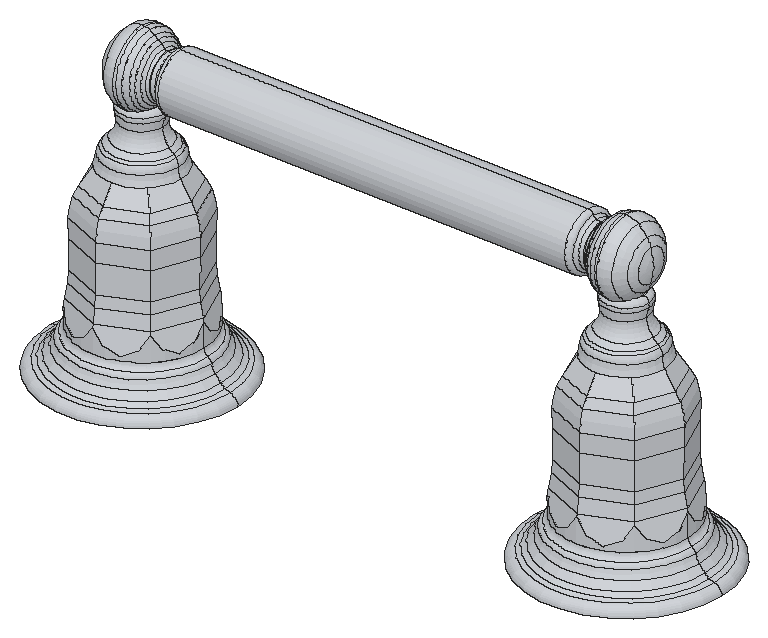
Revit family "Accessory-Tissue_Holder-KOHLER-Kelston-K-13504", category Specialty Equipment, host Face, Revit 2015
Parameters (values of type "CP-Polished Chrome")
  Width = 3 15/16"  # constant formula
  WaterSense Certified = 1 = 0  # no
  URL = "https://www.us.kohler.com/us/"
  Type = 1
  Product Page URL = "http://www.us.kohler.com/us/catalog/productDetails.jsp?productNumber=13504"
  Product Name = "Kelston"  # constant formula
  Product Documentation Link = "https://www.us.kohler.com/webassets/kpna/catalog/pdf/en/K-13504_spec.pdf"
  Model = if(Type = 1, "K-13504-CP", if(Type = 2, "K-13504-BN", if(Type = 3, "K-13504-2BZ", "NA")))  # "K-13504-CP"
  Material = "Premium Metal Construction"  # constant formula
  MasterFormat 2004 = "10.28.13"  # constant formula
  MasterFormat 1995 = "10820"  # constant formula
  Manufacturer Address = "444 Highland Dr, Kohler, WI 53044"  # constant formula
  Manufacturer = "KOHLER Co."  # constant formula
  Length = 8 5/8"  # constant formula
  Height = 2 7/16"  # constant formula
  Finish = Kohler-Metal-CP-Polished_Chrome
  Environmental Product Declaration = ""
  Description = "Toilet Tissue Holder"  # constant formula
  Default Elevation = 42"
  Declare Label = ""
  Date Modified = "02/25/2019"  # constant formula
  Date Created = "02/25/2019"  # constant formula
  Copyright = "Copyright KOHLER Co."  # constant formula
  Contact Us = "https://www.us.kohler.com/us/static/contact.jsp"
  Assembly Code = "C1030200"
  ADA Compliant = 1 = 0  # no
Reference planes (in)
  plane 1 "Center (Front/Back)": y = 0
  plane 2: z = 0
  plane 3 "Center (Left/Right)": x = 0
  plane 4: x = 4.3125
  plane 5: x = 1.875
  plane 6: z = 3.9375
  plane 7: x = -1.875
  plane 8: x = -4.3125
  plane 9: x = -1.875
  plane 10: x = -4.3125
  plane 11: x = 1.875
  plane 12: x = 4.3125
  plane 13: z = 3.9375
  plane 14: z = 3.9375
  plane 15: x = -3.09376
  plane 16: x = 3.09376
  plane 17: y = 1.21874
  plane 18: y = -1.21876
  plane 19: z = 3.469
Dimensions and locks (in)
  "Width": plane 13 to plane 2
  "Length": plane 10 to plane 12
  plane 15 to plane 16 = 6 3/16"
  "Height": plane 17 to plane 18
  aligned and locked: plane 2 to host face
  aligned and locked: level to host face
Automatic sketch dimensions
  host sketch curve to host sketch curve = 96"  (x2)
Nested families (in)
  nested 1: "K-13504" at (0, 0, 0), type "K-13504"
Definition of nested family "K-13504"
  Parameters (values of type "K-13504")
    Material = none
  Reference planes (in)
    plane 1 "Center (Front/Back)": y = 0
    plane 2: z = 0
    plane 3 "Center (Left/Right)": x = 0
    plane 4: z = 3.9375
    plane 5: x = -4.3125
    plane 6: x = -1.875
    plane 7: x = 4.3125
    plane 8: x = 1.875
    plane 9: x = -3.09376
    plane 10: y = 1.21874
    plane 11: y = -1.21876
    plane 12: x = 3.09376
  Forms (in)
    Revolve 1, solid, material <- "Material", detail levels medium+fine
      sketch origin (-0.03126, 0, 0) x (1, 0, 0) y (0, 0, 1)
        loop
          line (-3.0625, 0) -> (-1.84376, 0)
          arc (-1.84376, 0) -> (-1.87194, 0.0786) -> (-1.9446, 0.11974) r 0.11991
          arc (-1.9446, 0.11974) -> (-1.97434, 0.12881) -> (-2.00205, 0.1429) r 0.17853
          arc (-2.00205, 0.1429) -> (-2.03276, 0.16443) -> (-2.06097, 0.18913) r 0.3487
          arc (-2.06097, 0.18913) -> (-2.09913, 0.23021) -> (-2.13304, 0.27487) r 0.56665
          arc (-2.13304, 0.27487) -> (-2.16024, 0.32226) -> (-2.17967, 0.37333) r 0.34678
          arc (-2.17967, 0.37333) -> (-2.19624, 0.40569) -> (-2.22359, 0.42965) r 0.09681
          arc (-2.22359, 0.42965) -> (-2.25995, 0.46674) -> (-2.27262, 0.51712) r 0.09931
          line (-2.27262, 0.51712) -> (-2.27262, 2.35156) -> (-3.0625, 2.35156) -> (-3.0625, 0)
        axis (-3.0625, 0) -> (-3.0625, 2.35156)
      angle from 0 to 360
    Sweep 2, void, detail levels medium+fine
      path origin (-0.03126, 0, 0) x (1, 0, 0) y (0, 1, 0)
        loop
          line (-2.51866, 0) -> (-2.67795, 0.38455) -> (-3.0625, 0.54384) -> (-3.44705, 0.38455) -> (-3.60634, 0) -> (-3.44705, -0.38455) -> (-3.0625, -0.54384) -> (-2.67795, -0.38455) -> (-2.51866, 0)
      profile origin (-2.62956, 0.19228, 0) x (-0.92388, -0.382683, 0) y (0, 0, 1)
        loop
          line (-0.54075, 0.51712) -> (-0.30215, 0.51712)
          arc (-0.30215, 0.51712) -> (-0.25708, 0.68809) -> (-0.22007, 0.86098) r 3.77615
          arc (-0.22007, 0.86098) -> (-0.20502, 0.94859) -> (-0.19304, 1.03668) r 2.5502
          arc (-0.19304, 1.03668) -> (-0.18559, 1.10833) -> (-0.18016, 1.18017) r 2.5502
          arc (-0.18016, 1.18017) -> (-0.17549, 1.36109) -> (-0.18367, 1.54188) r 2.5502
          arc (-0.18367, 1.54188) -> (-0.18937, 1.65731) -> (-0.18784, 1.77286) r 1.84624
          arc (-0.18784, 1.77286) -> (-0.17272, 1.90109) -> (-0.13912, 2.02577) r 0.88639
          arc (-0.13912, 2.02577) -> (-0.11581, 2.08374) -> (-0.08727, 2.13932) r 0.67783
          arc (-0.08727, 2.13932) -> (-0.02248, 2.24689) -> (0.04687, 2.35156) r 2.91337
          line (0.04687, 2.35156) -> (-0.54075, 2.35156) -> (-0.54075, 0.51712)
    Revolve 3, solid, material <- "Material", detail levels medium+fine
      sketch origin (-0.03126, 0, 0) x (1, 0, 0) y (0, 0, 1)
        loop
          line (-3.5556, 2.35156) -> (-3.0625, 2.35156) -> (-3.0625, 3.09657) -> (-3.29003, 3.09657)
          arc (-3.29003, 3.09657) -> (-3.32671, 3.06847) -> (-3.34568, 3.02633) r 0.09447
          arc (-3.34568, 3.02633) -> (-3.34797, 2.99856) -> (-3.34505, 2.97084) r 0.14905
          arc (-3.34505, 2.97084) -> (-3.33595, 2.92006) -> (-3.32904, 2.86894) r 1.20473
          arc (-3.32904, 2.86894) -> (-3.34187, 2.75449) -> (-3.40312, 2.65697) r 0.25855
          line (-3.40312, 2.65697) -> (-3.46476, 2.59533)
          arc (-3.46476, 2.59533) -> (-3.4791, 2.58029) -> (-3.49272, 2.56459) r 0.43915
          arc (-3.49272, 2.56459) -> (-3.51515, 2.52633) -> (-3.52437, 2.48296) r 0.13879
          arc (-3.52437, 2.48296) -> (-3.53391, 2.41581) -> (-3.5556, 2.35156) r 0.36822
        axis (-3.0625, 2.35156) -> (-3.0625, 3.09657)
      angle from 0 to 360
    Revolve 4, solid, material <- "Material", detail levels medium+fine
      sketch origin (-0.03126, 0, 0) x (1, 0, 0) y (0, 0, 1)
        loop
          line (-3.41739, 3.469) -> (-2.74512, 3.469) -> (-2.74512, 3.75073)
          arc (-2.74512, 3.75073) -> (-2.76822, 3.75552) -> (-2.78752, 3.76907) r 0.0582
          arc (-2.78752, 3.76907) -> (-2.80323, 3.78769) -> (-2.81686, 3.80788) r 0.2274
          arc (-2.81686, 3.80788) -> (-2.83288, 3.8294) -> (-2.85286, 3.84731) r 0.13443
          arc (-2.85286, 3.84731) -> (-2.87512, 3.86415) -> (-2.89681, 3.88172) r 0.8333
          arc (-2.89681, 3.88172) -> (-2.92845, 3.9032) -> (-2.96377, 3.91787) r 0.18894
          arc (-2.96377, 3.91787) -> (-2.99573, 3.9266) -> (-3.0281, 3.93368) r 0.64591
          arc (-3.0281, 3.93368) -> (-3.04523, 3.93627) -> (-3.0625, 3.9375) r 0.2188
          arc (-3.0625, 3.9375) -> (-3.1433, 3.92645) -> (-3.21599, 3.88949) r 0.24492
          arc (-3.21599, 3.88949) -> (-3.27659, 3.83676) -> (-3.32823, 3.77523) r 0.51364
          arc (-3.32823, 3.77523) -> (-3.35768, 3.72683) -> (-3.37972, 3.67464) r 0.38599
          arc (-3.37972, 3.67464) -> (-3.40602, 3.57319) -> (-3.41739, 3.469) r 0.72328
        axis (-2.74512, 3.469) -> (-3.41739, 3.469)
      angle from 0 to 360
    Revolve 5, void, detail levels medium+fine
      sketch origin (-0.03126, 0, 0) x (1, 0, 0) y (0, 0, 1)
        loop
          line (-3.40925, 3.09657) -> (-3.40925, 2.96553) -> (-3.0625, 2.96553) -> (-3.0625, 3.09657) -> (-3.40925, 3.09657)
        axis (-3.0625, 2.96553) -> (-3.0625, 3.09657)
      angle from 0 to 360
    Revolve 6, solid, material <- "Material", detail levels medium+fine
      sketch origin (0, 0, 0) x (1, 0, 0) y (0, 0, 1)
        loop
          line (-2.77637, 3.469) -> (2.77635, 3.469) -> (2.77635, 3.75073) -> (2.70901, 3.75073)
          arc (2.70901, 3.75073) -> (2.68138, 3.76011) -> (2.66517, 3.78436) r 0.04539
          arc (2.66517, 3.78436) -> (2.64172, 3.81945) -> (2.60175, 3.83301) r 0.06566
          line (2.60175, 3.83301) -> (-2.60175, 3.83301)
          arc (-2.60175, 3.83301) -> (-2.64172, 3.81945) -> (-2.66517, 3.78436) r 0.06566
          arc (-2.66517, 3.78436) -> (-2.68138, 3.76011) -> (-2.70901, 3.75073) r 0.04539
          line (-2.70901, 3.75073) -> (-2.77637, 3.75073) -> (-2.77637, 3.469)
        axis (2.77635, 3.469) -> (-2.77637, 3.469)
      angle from 0 to 360
    Revolve 7, solid, material <- "Material", detail levels medium+fine
      sketch origin (0.03126, 0, 0) x (-1, 0, 0) y (0, 0, 1)
        loop
          line (-3.0625, 0) -> (-1.84376, 0)
          arc (-1.84376, 0) -> (-1.87194, 0.0786) -> (-1.9446, 0.11974) r 0.11991
          arc (-1.9446, 0.11974) -> (-1.97434, 0.12881) -> (-2.00205, 0.1429) r 0.17853
          arc (-2.00205, 0.1429) -> (-2.03276, 0.16443) -> (-2.06097, 0.18913) r 0.3487
          arc (-2.06097, 0.18913) -> (-2.09913, 0.23021) -> (-2.13304, 0.27487) r 0.56665
          arc (-2.13304, 0.27487) -> (-2.16024, 0.32226) -> (-2.17967, 0.37333) r 0.34678
          arc (-2.17967, 0.37333) -> (-2.19624, 0.40569) -> (-2.22359, 0.42965) r 0.09681
          arc (-2.22359, 0.42965) -> (-2.25995, 0.46674) -> (-2.27262, 0.51712) r 0.09931
          line (-2.27262, 0.51712) -> (-2.27262, 2.35156) -> (-3.0625, 2.35156) -> (-3.0625, 0)
        axis (-3.0625, 0) -> (-3.0625, 2.35156)
      angle from 0 to 360
    Revolve 8, solid, material <- "Material", detail levels medium+fine
      sketch origin (0.03126, 0, 0) x (-1, 0, 0) y (0, 0, 1)
        loop
          line (-3.55206, 2.35156) -> (-3.0625, 2.35156) -> (-3.0625, 3.09657) -> (-3.29003, 3.09657)
          arc (-3.29003, 3.09657) -> (-3.32671, 3.06847) -> (-3.34568, 3.02633) r 0.09447
          arc (-3.34568, 3.02633) -> (-3.34797, 2.99856) -> (-3.34505, 2.97084) r 0.14905
          arc (-3.34505, 2.97084) -> (-3.33595, 2.92006) -> (-3.32904, 2.86894) r 1.20473
          arc (-3.32904, 2.86894) -> (-3.34187, 2.75449) -> (-3.40312, 2.65697) r 0.25855
          line (-3.40312, 2.65697) -> (-3.46476, 2.59533)
          arc (-3.46476, 2.59533) -> (-3.4791, 2.58029) -> (-3.49272, 2.56459) r 0.43915
          arc (-3.49272, 2.56459) -> (-3.51515, 2.52633) -> (-3.52437, 2.48296) r 0.13879
          arc (-3.52437, 2.48296) -> (-3.53299, 2.41616) -> (-3.55206, 2.35156) r 0.42463
        axis (-3.0625, 2.35156) -> (-3.0625, 3.09657)
      angle from 0 to 360
    Revolve 9, solid, material <- "Material", detail levels medium+fine
      sketch origin (0.03126, 0, 0) x (-1, 0, 0) y (0, 0, 1)
        loop
          line (-3.41739, 3.469) -> (-2.74512, 3.469) -> (-2.74512, 3.75073)
          arc (-2.74512, 3.75073) -> (-2.76822, 3.75552) -> (-2.78752, 3.76907) r 0.0582
          arc (-2.78752, 3.76907) -> (-2.80323, 3.78769) -> (-2.81686, 3.80788) r 0.2274
          arc (-2.81686, 3.80788) -> (-2.83288, 3.8294) -> (-2.85286, 3.84731) r 0.13443
          arc (-2.85286, 3.84731) -> (-2.87512, 3.86415) -> (-2.89681, 3.88172) r 0.8333
          arc (-2.89681, 3.88172) -> (-2.92845, 3.9032) -> (-2.96377, 3.91787) r 0.18894
          arc (-2.96377, 3.91787) -> (-2.99573, 3.9266) -> (-3.0281, 3.93368) r 0.64591
          arc (-3.0281, 3.93368) -> (-3.04523, 3.93627) -> (-3.0625, 3.9375) r 0.2188
          arc (-3.0625, 3.9375) -> (-3.1433, 3.92645) -> (-3.21599, 3.88949) r 0.24492
          arc (-3.21599, 3.88949) -> (-3.27659, 3.83676) -> (-3.32823, 3.77523) r 0.51364
          arc (-3.32823, 3.77523) -> (-3.35768, 3.72683) -> (-3.37972, 3.67464) r 0.38599
          arc (-3.37972, 3.67464) -> (-3.40602, 3.57319) -> (-3.41739, 3.469) r 0.72328
        axis (-2.74512, 3.469) -> (-3.41739, 3.469)
      angle from 0 to 360
    Revolve 10, void, detail levels medium+fine
      sketch origin (0.03126, 0, 0) x (-1, 0, 0) y (0, 0, 1)
        loop
          line (-3.40925, 3.09657) -> (-3.40925, 2.96553) -> (-3.0625, 2.96553) -> (-3.0625, 3.09657) -> (-3.40925, 3.09657)
        axis (-3.0625, 2.96553) -> (-3.0625, 3.09657)
      angle from 0 to 360
    Revolve 11, solid, material <- "Material", detail levels coarse
      sketch origin (0, 0, 0) x (1, 0, 0) y (0, 0, 1)
        loop
          line (-3.09376, 0) -> (-3.09376, 3.9375) -> (-3.44492, 3.9375) -> (-3.44492, 2.99878) -> (-3.8874, 1.63694) -> (-4.03287, 0.45491) -> (-4.3125, 0.29347) -> (-4.3125, 0) -> (-3.09376, 0)
        axis (-3.09376, 0) -> (-3.09376, 3.9375)
      angle from 0 to 360
    Revolve 12, solid, material <- "Material", detail levels coarse
      sketch origin (0, 0, 0) x (-1, 0, 0) y (0, 0, 1)
        loop
          line (-3.09376, 0) -> (-3.09376, 3.9375) -> (-3.44492, 3.9375) -> (-3.44492, 2.99878) -> (-3.8874, 1.63694) -> (-4.03287, 0.45491) -> (-4.3125, 0.29347) -> (-4.3125, 0) -> (-3.09376, 0)
        axis (-3.09376, 0) -> (-3.09376, 3.9375)
      angle from 0 to 360
    Revolve 13, solid, material <- "Material", detail levels coarse
      sketch origin (0, 0, 0) x (1, 0, 0) y (0, 0, 1)
        loop
          line (-3.05902, 3.469) -> (2.71466, 3.469) -> (3.11059, 3.469) -> (3.11059, 3.77242) -> (2.66388, 3.77242) -> (2.66388, 3.87716) -> (-2.66279, 3.87716) -> (-2.66279, 3.77242) -> (-3.05902, 3.77242) -> (-3.05902, 3.469)
        axis (-3.05902, 3.469) -> (3.11059, 3.469)
      angle from 0 to 360
    Sweep 14, void, detail levels medium+fine
      path origin (0.03126, 0, 0) x (-1, 0, 0) y (0, 1, 0)
        loop
          line (-2.51866, 0) -> (-2.67795, 0.38455) -> (-3.0625, 0.54384) -> (-3.44705, 0.38455) -> (-3.60634, 0) -> (-3.44705, -0.38455) -> (-3.0625, -0.54384) -> (-2.67795, -0.38455) -> (-2.51866, 0)
      profile origin (2.62956, 0.19228, 0) x (-0.92388, 0.382683, 0) y (0, 0, 1)
        loop
          line (0.54075, 0.51712) -> (0.54075, 2.35156) -> (-0.04688, 2.35156)
          arc (-0.04688, 2.35156) -> (0.02248, 2.24689) -> (0.08727, 2.13932) r 2.91337
          arc (0.08727, 2.13932) -> (0.11581, 2.08374) -> (0.13912, 2.02577) r 0.67783
          arc (0.13912, 2.02577) -> (0.17272, 1.90109) -> (0.18784, 1.77286) r 0.88639
          arc (0.18784, 1.77286) -> (0.18937, 1.65731) -> (0.18367, 1.54188) r 1.84624
          arc (0.18367, 1.54188) -> (0.17549, 1.36109) -> (0.18016, 1.18017) r 2.5502
          arc (0.18016, 1.18017) -> (0.18559, 1.10833) -> (0.19304, 1.03668) r 2.5502
          arc (0.19304, 1.03668) -> (0.20502, 0.94859) -> (0.22007, 0.86098) r 2.5502
          arc (0.22007, 0.86098) -> (0.25708, 0.68809) -> (0.30215, 0.51712) r 3.77615
          line (0.30215, 0.51712) -> (0.54075, 0.51712)
  Cuts and joins
    Sweep 2, Sweep 14 cuts Revolve 1
    Revolve 5, Revolve 10, Sweep 14 cuts Revolve 4
    Sweep 14 cuts Revolve 7
    Revolve 10, Sweep 14 cuts Revolve 9
    joined: Revolve 1, Revolve 4, Revolve 7, Revolve 9
    joined: Revolve 3, Revolve 6, Revolve 8
    Sweep 14 cuts Revolve 11
    Sweep 14 cuts Revolve 13
    joined: Revolve 11, Revolve 12, Revolve 13
  Lines and regions (in)
    Masking region 1
      outline origin (0, 0, 0) x (1, 0, 0) y (0, 0, 1)
        loop
          line (-3.125, 0) -> (-1.87503, 0)
          arc (-1.87503, 0) -> (-1.90322, 0.0786) -> (-1.97587, 0.11974) r 0.11991
          arc (-1.97587, 0.11974) -> (-2.00561, 0.12881) -> (-2.03332, 0.1429) r 0.17853
          arc (-2.03332, 0.1429) -> (-2.06403, 0.16443) -> (-2.09224, 0.18913) r 0.3487
          arc (-2.09224, 0.18913) -> (-2.1304, 0.23021) -> (-2.16431, 0.27487) r 0.56665
          arc (-2.16431, 0.27487) -> (-2.19152, 0.32226) -> (-2.21094, 0.37333) r 0.34678
          arc (-2.21094, 0.37333) -> (-2.22752, 0.40569) -> (-2.25486, 0.42965) r 0.09681
          arc (-2.25486, 0.42965) -> (-2.29112, 0.46657) -> (-2.30388, 0.51672) r 0.09927
          line (-2.30388, 0.51672) -> (-2.30388, 0.82381)
          arc (-2.30388, 0.82381) -> (-2.30785, 0.84238) -> (-2.31172, 0.86098) r 3.52163
          arc (-2.31172, 0.86098) -> (-2.328, 0.94855) -> (-2.34097, 1.03668) r 2.37022
          arc (-2.34097, 1.03668) -> (-2.34904, 1.10831) -> (-2.35492, 1.18017) r 2.361
          arc (-2.35492, 1.18017) -> (-2.35997, 1.3611) -> (-2.35112, 1.54188) r 2.35664
          arc (-2.35112, 1.54188) -> (-2.34495, 1.65682) -> (-2.34655, 1.77191) r 1.70613
          spline (-2.34655, 1.77191) -> (-2.34787, 1.79364) -> (-2.34977, 1.81534) -> (-2.35223, 1.83697) -> (-2.35527, 1.85853) -> (-2.35887, 1.88001) -> (-2.36303, 1.90138) -> (-2.36776, 1.92264) -> (-2.37304, 1.94376) -> (-2.37888, 1.96474) -> (-2.38526, 1.98556) -> (-2.3922, 2.0062) -> (-2.39967, 2.02665)
          spline (-2.39967, 2.02665) -> (-2.40347, 2.0364) -> (-2.40742, 2.04609) -> (-2.41153, 2.05571) -> (-2.41579, 2.06526) -> (-2.42021, 2.07475) -> (-2.42477, 2.08416) -> (-2.42949, 2.0935) -> (-2.43435, 2.10277) -> (-2.43936, 2.11195) -> (-2.44452, 2.12106) -> (-2.44982, 2.13007) -> (-2.45526, 2.13901)
          spline (-2.45526, 2.13901) -> (-2.46665, 2.15721) -> (-2.47817, 2.17532) -> (-2.48983, 2.19335) -> (-2.50162, 2.21129) -> (-2.51354, 2.22914) -> (-2.52559, 2.2469) -> (-2.53778, 2.26458) -> (-2.5501, 2.28216) -> (-2.56254, 2.29965) -> (-2.57512, 2.31705) -> (-2.58782, 2.33435) -> (-2.60066, 2.35156)
          arc (-2.60066, 2.35156) -> (-2.62256, 2.41667) -> (-2.63198, 2.48471) r 0.36811
          arc (-2.63198, 2.48471) -> (-2.64142, 2.52715) -> (-2.66353, 2.56459) r 0.13879
          arc (-2.66353, 2.56459) -> (-2.67715, 2.58029) -> (-2.69149, 2.59533) r 0.43915
          line (-2.69149, 2.59533) -> (-2.75313, 2.65697)
          arc (-2.75313, 2.65697) -> (-2.81438, 2.75449) -> (-2.82721, 2.86894) r 0.25855
          arc (-2.82721, 2.86894) -> (-2.8203, 2.92006) -> (-2.8112, 2.97084) r 1.20473
          arc (-2.8112, 2.97084) -> (-2.80828, 2.99856) -> (-2.81057, 3.02633) r 0.14905
          arc (-2.81057, 3.02633) -> (-2.83201, 3.07146) -> (-2.87346, 3.09934) r 0.09447
          arc (-2.87346, 3.09934) -> (-2.85964, 3.11378) -> (-2.84812, 3.13012) r 0.13443
          arc (-2.84812, 3.13012) -> (-2.83449, 3.15031) -> (-2.81878, 3.16893) r 0.2274
          arc (-2.81878, 3.16893) -> (-2.79948, 3.18248) -> (-2.77637, 3.18727) r 0.0582
          line (-2.77637, 3.18727) -> (-2.70901, 3.18727)
          arc (-2.70901, 3.18727) -> (-2.68138, 3.17789) -> (-2.66517, 3.15364) r 0.04539
          arc (-2.66517, 3.15364) -> (-2.64172, 3.11855) -> (-2.60175, 3.10499) r 0.06566
          line (-2.60175, 3.10499) -> (2.60175, 3.10499)
          arc (2.60175, 3.10499) -> (2.64172, 3.11855) -> (2.66517, 3.15364) r 0.06566
          arc (2.66517, 3.15364) -> (2.68138, 3.17789) -> (2.70901, 3.18727) r 0.04539
          line (2.70901, 3.18727) -> (2.77637, 3.18727)
          arc (2.77637, 3.18727) -> (2.79948, 3.18248) -> (2.81878, 3.16893) r 0.0582
          arc (2.81878, 3.16893) -> (2.83449, 3.15031) -> (2.84812, 3.13012) r 0.2274
          arc (2.84812, 3.13012) -> (2.85964, 3.11378) -> (2.87346, 3.09934) r 0.13443
          arc (2.87346, 3.09934) -> (2.83201, 3.07146) -> (2.81057, 3.02633) r 0.09447
          arc (2.81057, 3.02633) -> (2.80828, 2.99856) -> (2.8112, 2.97084) r 0.14905
          arc (2.8112, 2.97084) -> (2.8203, 2.92006) -> (2.82721, 2.86894) r 1.20473
          arc (2.82721, 2.86894) -> (2.81438, 2.75449) -> (2.75313, 2.65697) r 0.25855
          line (2.75313, 2.65697) -> (2.69149, 2.59533)
          arc (2.69149, 2.59533) -> (2.67715, 2.58029) -> (2.66353, 2.56459) r 0.43915
          arc (2.66353, 2.56459) -> (2.64142, 2.52715) -> (2.63198, 2.48471) r 0.13879
          arc (2.63198, 2.48471) -> (2.62256, 2.41667) -> (2.60066, 2.35156) r 0.36811
          spline (2.60066, 2.35156) -> (2.58782, 2.33435) -> (2.57512, 2.31705) -> (2.56254, 2.29965) -> (2.5501, 2.28216) -> (2.53778, 2.26458) -> (2.52559, 2.2469) -> (2.51354, 2.22914) -> (2.50162, 2.21129) -> (2.48983, 2.19335) -> (2.47817, 2.17532) -> (2.46665, 2.15721) -> (2.45526, 2.13901)
          spline (2.45526, 2.13901) -> (2.44982, 2.13007) -> (2.44452, 2.12106) -> (2.43936, 2.11195) -> (2.43435, 2.10277) -> (2.42949, 2.0935) -> (2.42477, 2.08416) -> (2.42021, 2.07475) -> (2.41579, 2.06526) -> (2.41153, 2.05571) -> (2.40742, 2.04609) -> (2.40347, 2.0364) -> (2.39967, 2.02665)
          spline (2.39967, 2.02665) -> (2.3922, 2.0062) -> (2.38526, 1.98556) -> (2.37888, 1.96474) -> (2.37304, 1.94376) -> (2.36776, 1.92264) -> (2.36303, 1.90138) -> (2.35887, 1.88001) -> (2.35527, 1.85853) -> (2.35223, 1.83697) -> (2.34977, 1.81534) -> (2.34787, 1.79364) -> (2.34655, 1.77191)
          arc (2.34655, 1.77191) -> (2.34495, 1.65682) -> (2.35112, 1.54188) r 1.70613
          arc (2.35112, 1.54188) -> (2.35997, 1.3611) -> (2.35492, 1.18017) r 2.35664
          arc (2.35492, 1.18017) -> (2.34904, 1.10831) -> (2.34097, 1.03668) r 2.361
          arc (2.34097, 1.03668) -> (2.328, 0.94855) -> (2.31172, 0.86098) r 2.37022
          arc (2.31172, 0.86098) -> (2.30785, 0.84238) -> (2.30388, 0.82381) r 3.52163
          line (2.30388, 0.82381) -> (2.30388, 0.51672)
          arc (2.30388, 0.51672) -> (2.29112, 0.46657) -> (2.25486, 0.42965) r 0.09927
          arc (2.25486, 0.42965) -> (2.22752, 0.40569) -> (2.21094, 0.37333) r 0.09681
          arc (2.21094, 0.37333) -> (2.19152, 0.32226) -> (2.16431, 0.27487) r 0.34678
          arc (2.16431, 0.27487) -> (2.1304, 0.23021) -> (2.09224, 0.18913) r 0.56665
          arc (2.09224, 0.18913) -> (2.06403, 0.16443) -> (2.03332, 0.1429) r 0.3487
          arc (2.03332, 0.1429) -> (2.00561, 0.12881) -> (1.97587, 0.11974) r 0.17853
          arc (1.97587, 0.11974) -> (1.90322, 0.0786) -> (1.87503, 0) r 0.11991
          line (1.87503, 0) -> (3.125, 0) -> (4.31248, 0)
          arc (4.31248, 0) -> (4.2843, 0.0786) -> (4.21164, 0.11974) r 0.11991
          arc (4.21164, 0.11974) -> (4.18191, 0.12881) -> (4.15419, 0.1429) r 0.17853
          arc (4.15419, 0.1429) -> (4.12349, 0.16443) -> (4.09527, 0.18913) r 0.3487
          arc (4.09527, 0.18913) -> (4.05711, 0.23021) -> (4.0232, 0.27487) r 0.56665
          arc (4.0232, 0.27487) -> (3.996, 0.32226) -> (3.97657, 0.37333) r 0.34678
          arc (3.97657, 0.37333) -> (3.96, 0.40569) -> (3.93266, 0.42965) r 0.09681
          arc (3.93266, 0.42965) -> (3.89639, 0.46657) -> (3.88364, 0.51672) r 0.09927
          line (3.88364, 0.51672) -> (3.88364, 0.82381)
          arc (3.88364, 0.82381) -> (3.87967, 0.84238) -> (3.8758, 0.86098) r 3.52163
          arc (3.8758, 0.86098) -> (3.85952, 0.94855) -> (3.84654, 1.03668) r 2.37022
          arc (3.84654, 1.03668) -> (3.83847, 1.10831) -> (3.8326, 1.18017) r 2.361
          arc (3.8326, 1.18017) -> (3.82755, 1.3611) -> (3.8364, 1.54188) r 2.35664
          arc (3.8364, 1.54188) -> (3.84256, 1.65682) -> (3.84096, 1.77191) r 1.70613
          spline (3.84096, 1.77191) -> (3.83964, 1.79364) -> (3.83775, 1.81534) -> (3.83528, 1.83697) -> (3.83225, 1.85853) -> (3.82865, 1.88001) -> (3.82448, 1.90138) -> (3.81976, 1.92264) -> (3.81448, 1.94376) -> (3.80864, 1.96474) -> (3.80225, 1.98556) -> (3.79532, 2.0062) -> (3.78784, 2.02665)
          spline (3.78784, 2.02665) -> (3.78405, 2.0364) -> (3.78009, 2.04609) -> (3.77598, 2.05571) -> (3.77172, 2.06526) -> (3.76731, 2.07475) -> (3.76274, 2.08416) -> (3.75803, 2.0935) -> (3.75317, 2.10277) -> (3.74816, 2.11195) -> (3.743, 2.12106) -> (3.7377, 2.13007) -> (3.73225, 2.13901)
          spline (3.73225, 2.13901) -> (3.72086, 2.15721) -> (3.70934, 2.17532) -> (3.69769, 2.19335) -> (3.6859, 2.21129) -> (3.67398, 2.22914) -> (3.66192, 2.2469) -> (3.64974, 2.26458) -> (3.63742, 2.28216) -> (3.62497, 2.29965) -> (3.6124, 2.31705) -> (3.59969, 2.33435) -> (3.58686, 2.35156)
          arc (3.58686, 2.35156) -> (3.56516, 2.41581) -> (3.55562, 2.48296) r 0.36811
          arc (3.55562, 2.48296) -> (3.5464, 2.52633) -> (3.52397, 2.56459) r 0.13879
          arc (3.52397, 2.56459) -> (3.51035, 2.58029) -> (3.49601, 2.59533) r 0.43915
          line (3.49601, 2.59533) -> (3.43437, 2.65697)
          arc (3.43437, 2.65697) -> (3.37312, 2.75449) -> (3.36029, 2.86894) r 0.25855
          arc (3.36029, 2.86894) -> (3.3672, 2.92006) -> (3.3763, 2.97084) r 1.20473
          arc (3.3763, 2.97084) -> (3.37922, 2.99856) -> (3.37693, 3.02633) r 0.14905
          arc (3.37693, 3.02633) -> (3.35333, 3.07388) -> (3.30781, 3.1012) r 0.09447
          arc (3.30781, 3.1012) -> (3.33486, 3.13097) -> (3.35949, 3.16277) r 0.51364
          arc (3.35949, 3.16277) -> (3.38894, 3.21117) -> (3.41098, 3.26336) r 0.38599
          arc (3.41098, 3.26336) -> (3.43728, 3.36481) -> (3.44864, 3.469) r 0.72328
          arc (3.44864, 3.469) -> (3.43728, 3.57319) -> (3.41098, 3.67464) r 0.72328
          arc (3.41098, 3.67464) -> (3.38894, 3.72683) -> (3.35949, 3.77523) r 0.38599
          arc (3.35949, 3.77523) -> (3.30785, 3.83676) -> (3.24725, 3.88949) r 0.51364
          arc (3.24725, 3.88949) -> (3.17456, 3.92645) -> (3.09376, 3.9375) r 0.24492
          arc (3.09376, 3.9375) -> (3.07648, 3.93627) -> (3.05936, 3.93368) r 0.2188
          arc (3.05936, 3.93368) -> (3.02699, 3.9266) -> (2.99502, 3.91787) r 0.64591
          arc (2.99502, 3.91787) -> (2.9597, 3.9032) -> (2.92806, 3.88172) r 0.18894
          arc (2.92806, 3.88172) -> (2.90638, 3.86415) -> (2.88412, 3.84731) r 0.8333
          arc (2.88412, 3.84731) -> (2.86414, 3.8294) -> (2.84812, 3.80788) r 0.13443
          arc (2.84812, 3.80788) -> (2.83449, 3.78769) -> (2.81878, 3.76907) r 0.2274
          arc (2.81878, 3.76907) -> (2.79948, 3.75552) -> (2.77637, 3.75073) r 0.0582
          line (2.77637, 3.75073) -> (2.70901, 3.75073)
          arc (2.70901, 3.75073) -> (2.68138, 3.76011) -> (2.66517, 3.78436) r 0.04539
          arc (2.66517, 3.78436) -> (2.64172, 3.81945) -> (2.60175, 3.83301) r 0.06566
          line (2.60175, 3.83301) -> (-2.60175, 3.83301)
          arc (-2.60175, 3.83301) -> (-2.64172, 3.81945) -> (-2.66517, 3.78436) r 0.06566
          arc (-2.66517, 3.78436) -> (-2.68138, 3.76011) -> (-2.70901, 3.75073) r 0.04539
          line (-2.70901, 3.75073) -> (-2.77637, 3.75073)
          arc (-2.77637, 3.75073) -> (-2.79948, 3.75552) -> (-2.81878, 3.76907) r 0.0582
          arc (-2.81878, 3.76907) -> (-2.83449, 3.78769) -> (-2.84812, 3.80788) r 0.2274
          arc (-2.84812, 3.80788) -> (-2.86414, 3.8294) -> (-2.88412, 3.84731) r 0.13443
          arc (-2.88412, 3.84731) -> (-2.90638, 3.86415) -> (-2.92806, 3.88172) r 0.8333
          arc (-2.92806, 3.88172) -> (-2.9597, 3.9032) -> (-2.99502, 3.91787) r 0.18894
          arc (-2.99502, 3.91787) -> (-3.02699, 3.9266) -> (-3.05936, 3.93368) r 0.64591
          arc (-3.05936, 3.93368) -> (-3.07648, 3.93627) -> (-3.09376, 3.9375) r 0.2188
          arc (-3.09376, 3.9375) -> (-3.17456, 3.92645) -> (-3.24725, 3.88949) r 0.24492
          arc (-3.24725, 3.88949) -> (-3.30785, 3.83676) -> (-3.35949, 3.77523) r 0.51364
          arc (-3.35949, 3.77523) -> (-3.38894, 3.72683) -> (-3.41098, 3.67464) r 0.38599
          arc (-3.41098, 3.67464) -> (-3.43728, 3.57319) -> (-3.44864, 3.469) r 0.72328
          arc (-3.44864, 3.469) -> (-3.43728, 3.36481) -> (-3.41098, 3.26336) r 0.72328
          arc (-3.41098, 3.26336) -> (-3.38894, 3.21117) -> (-3.35949, 3.16277) r 0.38599
          arc (-3.35949, 3.16277) -> (-3.33486, 3.13097) -> (-3.30781, 3.1012) r 0.51364
          arc (-3.30781, 3.1012) -> (-3.35333, 3.07388) -> (-3.37693, 3.02633) r 0.09447
          arc (-3.37693, 3.02633) -> (-3.37922, 2.99856) -> (-3.3763, 2.97084) r 0.14905
          arc (-3.3763, 2.97084) -> (-3.3672, 2.92006) -> (-3.36029, 2.86894) r 1.20473
          arc (-3.36029, 2.86894) -> (-3.37312, 2.75449) -> (-3.43437, 2.65697) r 0.25855
          line (-3.43437, 2.65697) -> (-3.49601, 2.59533)
          arc (-3.49601, 2.59533) -> (-3.51035, 2.58029) -> (-3.52397, 2.56459) r 0.43915
          arc (-3.52397, 2.56459) -> (-3.5464, 2.52633) -> (-3.55562, 2.48296) r 0.13879
          arc (-3.55562, 2.48296) -> (-3.56516, 2.41581) -> (-3.58686, 2.35156) r 0.36811
          spline (-3.58686, 2.35156) -> (-3.59969, 2.33435) -> (-3.6124, 2.31705) -> (-3.62497, 2.29965) -> (-3.63742, 2.28216) -> (-3.64974, 2.26458) -> (-3.66192, 2.2469) -> (-3.67398, 2.22914) -> (-3.6859, 2.21129) -> (-3.69769, 2.19335) -> (-3.70934, 2.17532) -> (-3.72086, 2.15721) -> (-3.73225, 2.13901)
          spline (-3.73225, 2.13901) -> (-3.7377, 2.13007) -> (-3.743, 2.12106) -> (-3.74816, 2.11195) -> (-3.75317, 2.10277) -> (-3.75803, 2.0935) -> (-3.76274, 2.08416) -> (-3.76731, 2.07475) -> (-3.77172, 2.06526) -> (-3.77598, 2.05571) -> (-3.78009, 2.04609) -> (-3.78405, 2.0364) -> (-3.78784, 2.02665)
          spline (-3.78784, 2.02665) -> (-3.79532, 2.0062) -> (-3.80225, 1.98556) -> (-3.80864, 1.96474) -> (-3.81448, 1.94376) -> (-3.81976, 1.92264) -> (-3.82448, 1.90138) -> (-3.82865, 1.88001) -> (-3.83225, 1.85853) -> (-3.83528, 1.83697) -> (-3.83775, 1.81534) -> (-3.83964, 1.79364) -> (-3.84096, 1.77191)
          arc (-3.84096, 1.77191) -> (-3.84256, 1.65682) -> (-3.8364, 1.54188) r 1.70613
          arc (-3.8364, 1.54188) -> (-3.82755, 1.3611) -> (-3.8326, 1.18017) r 2.35664
          arc (-3.8326, 1.18017) -> (-3.83847, 1.10831) -> (-3.84654, 1.03668) r 2.361
          arc (-3.84654, 1.03668) -> (-3.85952, 0.94855) -> (-3.8758, 0.86098) r 2.37022
          arc (-3.8758, 0.86098) -> (-3.87967, 0.84238) -> (-3.88364, 0.82381) r 3.52163
          line (-3.88364, 0.82381) -> (-3.88364, 0.51672)
          arc (-3.88364, 0.51672) -> (-3.89639, 0.46657) -> (-3.93266, 0.42965) r 0.09927
          arc (-3.93266, 0.42965) -> (-3.96, 0.40569) -> (-3.97657, 0.37333) r 0.09681
          arc (-3.97657, 0.37333) -> (-3.996, 0.32226) -> (-4.0232, 0.27487) r 0.34678
          arc (-4.0232, 0.27487) -> (-4.05711, 0.23021) -> (-4.09527, 0.18913) r 0.56665
          arc (-4.09527, 0.18913) -> (-4.12349, 0.16443) -> (-4.15419, 0.1429) r 0.3487
          arc (-4.15419, 0.1429) -> (-4.18191, 0.12881) -> (-4.21164, 0.11974) r 0.17853
          arc (-4.21164, 0.11974) -> (-4.2843, 0.0786) -> (-4.31248, 0) r 0.11991
          line (-4.31248, 0) -> (-3.125, 0)
    Masking region 2
      outline origin (0, 0, 0) x (0, 1, 0) y (0, 0, 1)
        loop
          arc (-0.26624, 2.86894) -> (-0.27936, 2.75449) -> (-0.34061, 2.65697) r 0.25855
          line (-0.34061, 2.65697) -> (-0.40225, 2.59533)
          arc (-0.40225, 2.59533) -> (-0.4166, 2.58029) -> (-0.43021, 2.56459) r 0.43915
          arc (-0.43021, 2.56459) -> (-0.45264, 2.52633) -> (-0.46186, 2.48296) r 0.13879
          arc (-0.46186, 2.48296) -> (-0.4714, 2.41581) -> (-0.4931, 2.35156) r 0.36811
          spline (-0.4931, 2.35156) -> (-0.50593, 2.33435) -> (-0.51864, 2.31705) -> (-0.53122, 2.29965) -> (-0.54366, 2.28216) -> (-0.55598, 2.26458) -> (-0.56816, 2.2469) -> (-0.58022, 2.22914) -> (-0.59214, 2.21129) -> (-0.60393, 2.19335) -> (-0.61559, 2.17532) -> (-0.62711, 2.15721) -> (-0.63849, 2.13901)
          spline (-0.63849, 2.13901) -> (-0.64394, 2.13007) -> (-0.64924, 2.12106) -> (-0.6544, 2.11195) -> (-0.65941, 2.10277) -> (-0.66427, 2.0935) -> (-0.66899, 2.08416) -> (-0.67355, 2.07475) -> (-0.67796, 2.06526) -> (-0.68223, 2.05571) -> (-0.68633, 2.04609) -> (-0.69029, 2.0364) -> (-0.69409, 2.02665)
          spline (-0.69409, 2.02665) -> (-0.70156, 2.0062) -> (-0.70849, 1.98556) -> (-0.71488, 1.96474) -> (-0.72072, 1.94376) -> (-0.726, 1.92264) -> (-0.73073, 1.90138) -> (-0.73489, 1.88001) -> (-0.73849, 1.85853) -> (-0.74152, 1.83697) -> (-0.74399, 1.81534) -> (-0.74588, 1.79364) -> (-0.74721, 1.77191)
          arc (-0.74721, 1.77191) -> (-0.7488, 1.65682) -> (-0.74264, 1.54188) r 1.70613
          arc (-0.74264, 1.54188) -> (-0.73379, 1.3611) -> (-0.73884, 1.18017) r 2.35664
          arc (-0.73884, 1.18017) -> (-0.74472, 1.10831) -> (-0.75278, 1.03668) r 2.361
          arc (-0.75278, 1.03668) -> (-0.76576, 0.94855) -> (-0.78204, 0.86098) r 2.37022
          arc (-0.78204, 0.86098) -> (-0.78591, 0.84238) -> (-0.78988, 0.82381) r 3.52163
          line (-0.78988, 0.82381) -> (-0.78988, 0.51672)
          arc (-0.78988, 0.51672) -> (-0.80264, 0.46657) -> (-0.8389, 0.42965) r 0.09927
          arc (-0.8389, 0.42965) -> (-0.86624, 0.40569) -> (-0.88282, 0.37333) r 0.09681
          arc (-0.88282, 0.37333) -> (-0.90224, 0.32226) -> (-0.92944, 0.27487) r 0.34678
          arc (-0.92944, 0.27487) -> (-0.96335, 0.23021) -> (-1.00151, 0.18913) r 0.56665
          arc (-1.00151, 0.18913) -> (-1.02973, 0.16443) -> (-1.06043, 0.1429) r 0.3487
          arc (-1.06043, 0.1429) -> (-1.08815, 0.12881) -> (-1.11789, 0.11974) r 0.17853
          arc (-1.11789, 0.11974) -> (-1.19054, 0.0786) -> (-1.21873, 0) r 0.11991
          line (-1.21873, 0) -> (1.21873, 0)
          arc (1.21873, 0) -> (1.19054, 0.0786) -> (1.11789, 0.11974) r 0.11991
          arc (1.11789, 0.11974) -> (1.08815, 0.12881) -> (1.06043, 0.1429) r 0.17853
          arc (1.06043, 0.1429) -> (1.02973, 0.16443) -> (1.00151, 0.18913) r 0.3487
          arc (1.00151, 0.18913) -> (0.96335, 0.23021) -> (0.92944, 0.27487) r 0.56665
          arc (0.92944, 0.27487) -> (0.90224, 0.32226) -> (0.88282, 0.37333) r 0.34678
          arc (0.88282, 0.37333) -> (0.86624, 0.40569) -> (0.8389, 0.42965) r 0.09681
          arc (0.8389, 0.42965) -> (0.80264, 0.46657) -> (0.78988, 0.51672) r 0.09927
          line (0.78988, 0.51672) -> (0.78988, 0.82381)
          arc (0.78988, 0.82381) -> (0.78591, 0.84238) -> (0.78204, 0.86098) r 3.52163
          arc (0.78204, 0.86098) -> (0.76576, 0.94855) -> (0.75278, 1.03668) r 2.37022
          arc (0.75278, 1.03668) -> (0.74472, 1.10831) -> (0.73884, 1.18017) r 2.361
          arc (0.73884, 1.18017) -> (0.73379, 1.3611) -> (0.74264, 1.54188) r 2.35664
          arc (0.74264, 1.54188) -> (0.7488, 1.65682) -> (0.74721, 1.77191) r 1.70613
          spline (0.74721, 1.77191) -> (0.74588, 1.79364) -> (0.74399, 1.81534) -> (0.74152, 1.83697) -> (0.73849, 1.85853) -> (0.73489, 1.88001) -> (0.73073, 1.90138) -> (0.726, 1.92264) -> (0.72072, 1.94376) -> (0.71488, 1.96474) -> (0.70849, 1.98556) -> (0.70156, 2.0062) -> (0.69409, 2.02665)
          spline (0.69409, 2.02665) -> (0.69029, 2.0364) -> (0.68633, 2.04609) -> (0.68223, 2.05571) -> (0.67796, 2.06526) -> (0.67355, 2.07475) -> (0.66899, 2.08416) -> (0.66427, 2.0935) -> (0.65941, 2.10277) -> (0.6544, 2.11195) -> (0.64924, 2.12106) -> (0.64394, 2.13007) -> (0.63849, 2.13901)
          spline (0.63849, 2.13901) -> (0.62711, 2.15721) -> (0.61559, 2.17532) -> (0.60393, 2.19335) -> (0.59214, 2.21129) -> (0.58022, 2.22914) -> (0.56816, 2.2469) -> (0.55598, 2.26458) -> (0.54366, 2.28216) -> (0.53122, 2.29965) -> (0.51864, 2.31705) -> (0.50593, 2.33435) -> (0.4931, 2.35156)
          arc (0.4931, 2.35156) -> (0.4712, 2.41667) -> (0.46178, 2.48471) r 0.36811
          arc (0.46178, 2.48471) -> (0.45234, 2.52715) -> (0.43023, 2.56459) r 0.13879
          arc (0.43023, 2.56459) -> (0.41661, 2.58029) -> (0.40227, 2.59533) r 0.43915
          line (0.40227, 2.59533) -> (0.34063, 2.65697)
          arc (0.34063, 2.65697) -> (0.27937, 2.75449) -> (0.26624, 2.86894) r 0.25855
          arc (0.26624, 2.86894) -> (0.27315, 2.92006) -> (0.28225, 2.97084) r 1.20473
          arc (0.28225, 2.97084) -> (0.28517, 2.99856) -> (0.28288, 3.02633) r 0.14905
          arc (0.28288, 3.02633) -> (0.26351, 3.06897) -> (0.22605, 3.09707) r 0.09447
          line (0.22605, 3.09707) -> (0.28378, 3.09707)
          arc (0.28378, 3.09707) -> (0.44532, 3.61974) -> (0, 3.9375) r 0.46725
          arc (0, 3.9375) -> (-0.44532, 3.61974) -> (-0.28378, 3.09707) r 0.46725
          line (-0.28378, 3.09707) -> (-0.22605, 3.09707)
          arc (-0.22605, 3.09707) -> (-0.26351, 3.06897) -> (-0.28288, 3.02633) r 0.09447
          arc (-0.28288, 3.02633) -> (-0.28517, 2.99856) -> (-0.28225, 2.97084) r 0.14905
          arc (-0.28225, 2.97084) -> (-0.27315, 2.92006) -> (-0.26624, 2.86894) r 1.20473
    Masking region 3
      outline origin (0, 0, 0) x (1, 0, 0) y (0, 1, 0)
        loop
          arc (1.93061, -0.36391) -> (4.3125, 0) -> (1.93061, 0.36391) r 1.21874
          line (1.93061, 0.36391) -> (-1.93061, 0.36391)
          arc (-1.93061, 0.36391) -> (-4.3125, 0) -> (-1.93061, -0.36391) r 1.21874
          line (-1.93061, -0.36391) -> (1.93061, -0.36391)
    symbolic lines, detail levels medium+fine
      curve 1: arc (-2.69497, 0.28397, 0) -> (-3.58332, 0, 0) -> (-2.69497, -0.28397, 0) r 0.48956
      curve 2: arc (-2.3927, 0.36391, 0) -> (-3.88364, 0, 0) -> (-2.3927, -0.36391, 0) r 0.78988
      curve 3: line (-2.77637, 0, 0) -> (-2.77637, 0.28173, 0)
      curve 4: arc (-2.81877, 0.30007, 0) -> (-2.79947, 0.28652, 0) -> (-2.77637, 0.28173, 0) r 0.0582
      curve 5: arc (-2.84811, 0.33888, 0) -> (-2.83448, 0.31869, 0) -> (-2.81877, 0.30007, 0) r 0.2274
      curve 6: arc (-2.88411, 0.37831, 0) -> (-2.86413, 0.3604, 0) -> (-2.84811, 0.33888, 0) r 0.13443
      curve 7: arc (-2.92806, 0.41272, 0) -> (-2.90637, 0.39515, 0) -> (-2.88411, 0.37831, 0) r 0.8333
      curve 8: arc (-2.99502, 0.44887, 0) -> (-2.9597, 0.4342, 0) -> (-2.92806, 0.41272, 0) r 0.18894
      curve 9: arc (-3.05935, 0.46468, 0) -> (-3.02698, 0.4576, 0) -> (-2.99502, 0.44887, 0) r 0.64591
      curve 10: arc (-3.09375, 0.4685, 0) -> (-3.07648, 0.46727, 0) -> (-3.05935, 0.46468, 0) r 0.2188
      curve 11: arc (-3.24724, 0.42049, 0) -> (-3.17455, 0.45745, 0) -> (-3.09375, 0.4685, 0) r 0.24492
      curve 12: arc (-3.35948, 0.30623, 0) -> (-3.30784, 0.36776, 0) -> (-3.24724, 0.42049, 0) r 0.51364
      curve 13: arc (-3.41097, 0.20564, 0) -> (-3.38893, 0.25783, 0) -> (-3.35948, 0.30623, 0) r 0.38599
      curve 14: arc (-3.44864, 0, 0) -> (-3.43727, 0.10419, 0) -> (-3.41097, 0.20564, 0) r 0.72328
      curve 15: line (-2.77637, 0, 0) -> (-2.77637, -0.28173, 0)
      curve 16: arc (-2.81877, -0.30007, 0) -> (-2.79947, -0.28652, 0) -> (-2.77637, -0.28173, 0) r 0.0582
      curve 17: arc (-2.84811, -0.33888, 0) -> (-2.83448, -0.31869, 0) -> (-2.81877, -0.30007, 0) r 0.2274
      curve 18: arc (-2.88411, -0.37831, 0) -> (-2.86413, -0.3604, 0) -> (-2.84811, -0.33888, 0) r 0.13443
      curve 19: arc (-2.92806, -0.41272, 0) -> (-2.90637, -0.39515, 0) -> (-2.88411, -0.37831, 0) r 0.8333
      curve 20: arc (-2.99502, -0.44887, 0) -> (-2.9597, -0.4342, 0) -> (-2.92806, -0.41272, 0) r 0.18894
      curve 21: arc (-3.05935, -0.46468, 0) -> (-3.02698, -0.4576, 0) -> (-2.99502, -0.44887, 0) r 0.64591
      curve 22: arc (-3.09375, -0.4685, 0) -> (-3.07648, -0.46727, 0) -> (-3.05935, -0.46468, 0) r 0.2188
      curve 23: arc (-3.24724, -0.42049, 0) -> (-3.17455, -0.45745, 0) -> (-3.09375, -0.4685, 0) r 0.24492
      curve 24: arc (-3.35948, -0.30623, 0) -> (-3.30784, -0.36776, 0) -> (-3.24724, -0.42049, 0) r 0.51364
      curve 25: arc (-3.41097, -0.20564, 0) -> (-3.38893, -0.25783, 0) -> (-3.35948, -0.30623, 0) r 0.38599
      curve 26: arc (-3.44864, 0, 0) -> (-3.43727, -0.10419, 0) -> (-3.41097, -0.20564, 0) r 0.72328
      curve 27: line (2.77637, 0, 0) -> (2.77637, 0.28173, 0)
      curve 28: arc (2.81877, 0.30007, 0) -> (2.79947, 0.28652, 0) -> (2.77637, 0.28173, 0) r 0.0582
      curve 29: arc (2.84811, 0.33888, 0) -> (2.83448, 0.31869, 0) -> (2.81877, 0.30007, 0) r 0.2274
      curve 30: arc (2.88411, 0.37831, 0) -> (2.86413, 0.3604, 0) -> (2.84811, 0.33888, 0) r 0.13443
      curve 31: arc (2.92806, 0.41272, 0) -> (2.90637, 0.39515, 0) -> (2.88411, 0.37831, 0) r 0.8333
      curve 32: arc (2.99502, 0.44887, 0) -> (2.9597, 0.4342, 0) -> (2.92806, 0.41272, 0) r 0.18894
      curve 33: arc (3.05935, 0.46468, 0) -> (3.02698, 0.4576, 0) -> (2.99502, 0.44887, 0) r 0.64591
      curve 34: arc (3.09375, 0.4685, 0) -> (3.07648, 0.46727, 0) -> (3.05935, 0.46468, 0) r 0.2188
      curve 35: arc (3.24724, 0.42049, 0) -> (3.17455, 0.45745, 0) -> (3.09375, 0.4685, 0) r 0.24492
      curve 36: arc (3.35948, 0.30623, 0) -> (3.30784, 0.36776, 0) -> (3.24724, 0.42049, 0) r 0.51364
      curve 37: arc (3.41097, 0.20564, 0) -> (3.38893, 0.25783, 0) -> (3.35948, 0.30623, 0) r 0.38599
      curve 38: arc (3.44864, 0, 0) -> (3.43727, 0.10419, 0) -> (3.41097, 0.20564, 0) r 0.72328
      curve 39: line (2.77637, 0, 0) -> (2.77637, -0.28173, 0)
      curve 40: arc (2.81877, -0.30007, 0) -> (2.79947, -0.28652, 0) -> (2.77637, -0.28173, 0) r 0.0582
      curve 41: arc (2.84811, -0.33888, 0) -> (2.83448, -0.31869, 0) -> (2.81877, -0.30007, 0) r 0.2274
      curve 42: arc (2.88411, -0.37831, 0) -> (2.86413, -0.3604, 0) -> (2.84811, -0.33888, 0) r 0.13443
      curve 43: arc (2.92806, -0.41272, 0) -> (2.90637, -0.39515, 0) -> (2.88411, -0.37831, 0) r 0.8333
      curve 44: arc (2.99502, -0.44887, 0) -> (2.9597, -0.4342, 0) -> (2.92806, -0.41272, 0) r 0.18894
      curve 45: arc (3.05935, -0.46468, 0) -> (3.02698, -0.4576, 0) -> (2.99502, -0.44887, 0) r 0.64591
      curve 46: arc (3.09375, -0.4685, 0) -> (3.07648, -0.46727, 0) -> (3.05935, -0.46468, 0) r 0.2188
      curve 47: arc (3.24724, -0.42049, 0) -> (3.17455, -0.45745, 0) -> (3.09375, -0.4685, 0) r 0.24492
      curve 48: arc (3.35948, -0.30623, 0) -> (3.30784, -0.36776, 0) -> (3.24724, -0.42049, 0) r 0.51364
      curve 49: arc (3.41097, -0.20564, 0) -> (3.38893, -0.25783, 0) -> (3.35948, -0.30623, 0) r 0.38599
      curve 50: arc (3.44864, 0, 0) -> (3.43727, -0.10419, 0) -> (3.41097, -0.20564, 0) r 0.72328
      curve 51: line (-2.77637, 0.28173, 0) -> (-2.70902, 0.28173, 0)
      curve 52: arc (-2.70902, 0.28173, 0) -> (-2.6814, 0.29111, 0) -> (-2.66519, 0.31536, 0) r 0.04539
      curve 53: arc (-2.66519, 0.31536, 0) -> (-2.64317, 0.34932, 0) -> (-2.60543, 0.36391, 0) r 0.06566
      curve 54: line (-1.86664, 0.36391, 0) -> (-2.60543, 0.36391, 0)
      curve 55: line (-2.77637, -0.28173, 0) -> (-2.70902, -0.28173, 0)
      curve 56: arc (-2.70902, -0.28173, 0) -> (-2.6814, -0.29111, 0) -> (-2.66519, -0.31536, 0) r 0.04539
      curve 57: arc (-2.66519, -0.31536, 0) -> (-2.64317, -0.34932, 0) -> (-2.60543, -0.36391, 0) r 0.06566
      curve 58: line (-1.86664, -0.36391, 0) -> (-2.60543, -0.36391, 0)
      curve 59: line (2.77637, 0.28173, 0) -> (2.70902, 0.28173, 0)
      curve 60: arc (2.70902, 0.28173, 0) -> (2.6814, 0.29111, 0) -> (2.66519, 0.31536, 0) r 0.04539
      curve 61: arc (2.66519, 0.31536, 0) -> (2.64317, 0.34932, 0) -> (2.60543, 0.36391, 0) r 0.06566
      curve 62: line (1.86664, 0.36391, 0) -> (2.60543, 0.36391, 0)
      curve 63: line (2.77637, -0.28173, 0) -> (2.70902, -0.28173, 0)
      curve 64: arc (2.70902, -0.28173, 0) -> (2.6814, -0.29111, 0) -> (2.66519, -0.31536, 0) r 0.04539
      curve 65: arc (2.66519, -0.31536, 0) -> (2.64317, -0.34932, 0) -> (2.60543, -0.36391, 0) r 0.06566
      curve 66: line (1.86664, -0.36391, 0) -> (2.60543, -0.36391, 0)
      curve 67: arc (2.69497, 0.28397, 0) -> (3.58332, 0, 0) -> (2.69497, -0.28397, 0) r 0.48956
      curve 68: arc (2.3927, 0.36391, 0) -> (3.88364, 0, 0) -> (2.3927, -0.36391, 0) r 0.78988
      curve 69: line (-3.32129, 0, 3.09657) -> (-2.86623, 0, 3.09657)
      curve 70: line (-3.58005, 0, 2.35156) -> (-2.60747, 0, 2.35156)
      curve 71: line (-3.8874, 0, 0.51712) -> (-2.30329, 0, 0.51712)
      curve 72: line (-4.21164, 0, 0.11974) -> (-1.97586, 0, 0.11974)
      curve 73: line (-2.77637, 0, 3.75073) -> (-2.77637, 0, 3.18727)
      curve 74: line (-2.70901, 0, 3.75073) -> (-2.70901, 0, 3.18727)
      curve 75: line (3.32129, 0, 3.09657) -> (2.86623, 0, 3.09657)
      curve 76: line (3.58005, 0, 2.35156) -> (2.60747, 0, 2.35156)
      curve 77: line (3.8874, 0, 0.51712) -> (2.30329, 0, 0.51712)
      curve 78: line (4.21164, 0, 0.11974) -> (1.97586, 0, 0.11974)
      curve 79: line (2.77637, 0, 3.75073) -> (2.77637, 0, 3.18727)
      curve 80: line (2.70901, 0, 3.75073) -> (2.70901, 0, 3.18727)
      curve 81: line (0, 0.22753, 3.09657) -> (0, -0.22723, 3.09657)
      curve 82: line (0, -0.48629, 2.35156) -> (0, 0.48927, 2.35156)
      curve 83: line (0, 0.78988, 0.51712) -> (0, -0.78988, 0.51712)
      curve 84: line (0, -1.1179, 0.11974) -> (0, 1.1179, 0.11974)
      curve 85: line (-2.70902, 0.28173, 0) -> (-2.70902, -0.28173, 0)
      curve 86: line (2.70902, 0.28173, 0) -> (2.70902, -0.28173, 0)
      curve 87: line (-3.65229, 0, 0.82381) -> (-3.88364, 0, 0.82381)
      curve 88: line (-3.09376, 0, 0.82381) -> (-3.65229, 0, 0.82381)
      curve 89: line (-2.53523, 0, 0.82381) -> (-3.09376, 0, 0.82381)
      curve 90: line (-2.30388, 0, 0.82381) -> (-2.53523, 0, 0.82381)
      curve 91: spline (-3.65229, 0, 0.82381) -> (-3.65182, 0, 0.82691) -> (-3.65134, 0, 0.83001) -> (-3.65087, 0, 0.83311) -> (-3.65041, 0, 0.83621) -> (-3.64994, 0, 0.83931) -> (-3.64948, 0, 0.84242) -> (-3.64901, 0, 0.84552) -> (-3.64855, 0, 0.84862) -> (-3.6481, 0, 0.85173) -> (-3.64764, 0, 0.85483) -> (-3.64719, 0, 0.85794) -> (-3.64673, 0, 0.86105)
      curve 92: spline (-3.64673, 0, 0.86105) -> (-3.64499, 0, 0.87322) -> (-3.64329, 0, 0.88541) -> (-3.64164, 0, 0.89761) -> (-3.64003, 0, 0.90982) -> (-3.63846, 0, 0.92205) -> (-3.63694, 0, 0.93428) -> (-3.63547, 0, 0.94653) -> (-3.63404, 0, 0.95879) -> (-3.63266, 0, 0.97105) -> (-3.63133, 0, 0.98333) -> (-3.63003, 0, 0.99562) -> (-3.62879, 0, 1.00791)
      curve 93: spline (-3.62879, 0, 1.00791) -> (-3.62757, 0, 1.0204) -> (-3.6264, 0, 1.0329) -> (-3.62528, 0, 1.0454) -> (-3.6242, 0, 1.05792) -> (-3.62317, 0, 1.07044) -> (-3.62219, 0, 1.08297) -> (-3.62126, 0, 1.09551) -> (-3.62037, 0, 1.10805) -> (-3.61953, 0, 1.1206) -> (-3.61874, 0, 1.13316) -> (-3.61799, 0, 1.14572) -> (-3.6173, 0, 1.15828)
      curve 94: spline (-3.6173, 0, 1.15828) -> (-3.61574, 0, 1.19021) -> (-3.61449, 0, 1.22216) -> (-3.61355, 0, 1.25414) -> (-3.61291, 0, 1.28612) -> (-3.61258, 0, 1.31812) -> (-3.61256, 0, 1.35012) -> (-3.61285, 0, 1.38212) -> (-3.61344, 0, 1.41411) -> (-3.61434, 0, 1.44609) -> (-3.61555, 0, 1.47804) -> (-3.61706, 0, 1.50997) -> (-3.61888, 0, 1.54187)
      curve 95: spline (-3.61888, 0, 1.54187) -> (-3.61999, 0, 1.56105) -> (-3.62095, 0, 1.58024) -> (-3.62175, 0, 1.59945) -> (-3.6224, 0, 1.61867) -> (-3.6229, 0, 1.6379) -> (-3.62325, 0, 1.65713) -> (-3.62344, 0, 1.67637) -> (-3.62347, 0, 1.69561) -> (-3.62336, 0, 1.71485) -> (-3.62309, 0, 1.73409) -> (-3.62267, 0, 1.75332) -> (-3.62209, 0, 1.77255)
      curve 96: spline (-3.62209, 0, 1.77255) -> (-3.62114, 0, 1.79443) -> (-3.61978, 0, 1.81626) -> (-3.61801, 0, 1.83804) -> (-3.61583, 0, 1.85975) -> (-3.61325, 0, 1.88136) -> (-3.61026, 0, 1.90287) -> (-3.60686, 0, 1.92426) -> (-3.60307, 0, 1.94552) -> (-3.59888, 0, 1.96662) -> (-3.59429, 0, 1.98757) -> (-3.58931, 0, 2.00833) -> (-3.58394, 0, 2.0289)
      curve 97: spline (-3.58394, 0, 2.0289) -> (-3.5813, 0, 2.03842) -> (-3.57854, 0, 2.04788) -> (-3.57569, 0, 2.05727) -> (-3.57273, 0, 2.06661) -> (-3.56966, 0, 2.07587) -> (-3.56649, 0, 2.08507) -> (-3.56323, 0, 2.09419) -> (-3.55986, 0, 2.10325) -> (-3.55639, 0, 2.11222) -> (-3.55282, 0, 2.12112) -> (-3.54915, 0, 2.12994) -> (-3.54539, 0, 2.13868)
      curve 98: spline (-3.54539, 0, 2.13868) -> (-3.53732, 0, 2.15691) -> (-3.52917, 0, 2.17505) -> (-3.52092, 0, 2.1931) -> (-3.51257, 0, 2.21107) -> (-3.50413, 0, 2.22895) -> (-3.49559, 0, 2.24674) -> (-3.48696, 0, 2.26444) -> (-3.47824, 0, 2.28205) -> (-3.46943, 0, 2.29957) -> (-3.46052, 0, 2.31699) -> (-3.45152, 0, 2.33432) -> (-3.44243, 0, 2.35156)
      curve 99: line (-3.09376, 0, 0.82381) -> (-3.09376, 0, 2.35156)
      curve 100: spline (-2.53523, 0, 0.82381) -> (-2.5357, 0, 0.82691) -> (-2.53617, 0, 0.83001) -> (-2.53664, 0, 0.83311) -> (-2.53711, 0, 0.83621) -> (-2.53758, 0, 0.83931) -> (-2.53804, 0, 0.84242) -> (-2.5385, 0, 0.84552) -> (-2.53896, 0, 0.84862) -> (-2.53942, 0, 0.85173) -> (-2.53988, 0, 0.85483) -> (-2.54033, 0, 0.85794) -> (-2.54078, 0, 0.86105)
      curve 101: spline (-2.54078, 0, 0.86105) -> (-2.54253, 0, 0.87322) -> (-2.54423, 0, 0.88541) -> (-2.54588, 0, 0.89761) -> (-2.54749, 0, 0.90982) -> (-2.54905, 0, 0.92205) -> (-2.55057, 0, 0.93428) -> (-2.55204, 0, 0.94653) -> (-2.55347, 0, 0.95879) -> (-2.55485, 0, 0.97105) -> (-2.55619, 0, 0.98333) -> (-2.55748, 0, 0.99562) -> (-2.55873, 0, 1.00791)
      curve 102: spline (-2.55873, 0, 1.00791) -> (-2.55994, 0, 1.0204) -> (-2.56112, 0, 1.0329) -> (-2.56224, 0, 1.0454) -> (-2.56331, 0, 1.05792) -> (-2.56434, 0, 1.07044) -> (-2.56532, 0, 1.08297) -> (-2.56626, 0, 1.09551) -> (-2.56714, 0, 1.10805) -> (-2.56798, 0, 1.1206) -> (-2.56878, 0, 1.13316) -> (-2.56952, 0, 1.14572) -> (-2.57022, 0, 1.15828)
      curve 103: spline (-2.57022, 0, 1.15828) -> (-2.57177, 0, 1.19021) -> (-2.57302, 0, 1.22216) -> (-2.57397, 0, 1.25414) -> (-2.5746, 0, 1.28612) -> (-2.57493, 0, 1.31812) -> (-2.57495, 0, 1.35012) -> (-2.57467, 0, 1.38212) -> (-2.57407, 0, 1.41411) -> (-2.57317, 0, 1.44609) -> (-2.57197, 0, 1.47804) -> (-2.57045, 0, 1.50997) -> (-2.56863, 0, 1.54187)
      curve 104: spline (-2.56863, 0, 1.54187) -> (-2.56752, 0, 1.56105) -> (-2.56657, 0, 1.58024) -> (-2.56576, 0, 1.59945) -> (-2.56511, 0, 1.61867) -> (-2.56461, 0, 1.6379) -> (-2.56427, 0, 1.65713) -> (-2.56408, 0, 1.67637) -> (-2.56404, 0, 1.69561) -> (-2.56416, 0, 1.71485) -> (-2.56443, 0, 1.73409) -> (-2.56485, 0, 1.75332) -> (-2.56542, 0, 1.77255)
      curve 105: spline (-2.56542, 0, 1.77255) -> (-2.56637, 0, 1.79443) -> (-2.56773, 0, 1.81626) -> (-2.5695, 0, 1.83804) -> (-2.57168, 0, 1.85975) -> (-2.57427, 0, 1.88136) -> (-2.57726, 0, 1.90287) -> (-2.58065, 0, 1.92426) -> (-2.58445, 0, 1.94552) -> (-2.58864, 0, 1.96662) -> (-2.59323, 0, 1.98757) -> (-2.59821, 0, 2.00833) -> (-2.60357, 0, 2.0289)
      curve 106: spline (-2.60357, 0, 2.0289) -> (-2.60622, 0, 2.03842) -> (-2.60897, 0, 2.04788) -> (-2.61183, 0, 2.05727) -> (-2.61479, 0, 2.06661) -> (-2.61785, 0, 2.07587) -> (-2.62102, 0, 2.08507) -> (-2.62429, 0, 2.09419) -> (-2.62766, 0, 2.10325) -> (-2.63113, 0, 2.11222) -> (-2.6347, 0, 2.12112) -> (-2.63837, 0, 2.12994) -> (-2.64213, 0, 2.13868)
      curve 107: spline (-2.64213, 0, 2.13868) -> (-2.65019, 0, 2.15691) -> (-2.65835, 0, 2.17505) -> (-2.6666, 0, 2.1931) -> (-2.67495, 0, 2.21107) -> (-2.68339, 0, 2.22895) -> (-2.69192, 0, 2.24674) -> (-2.70055, 0, 2.26444) -> (-2.70927, 0, 2.28205) -> (-2.71809, 0, 2.29957) -> (-2.72699, 0, 2.31699) -> (-2.73599, 0, 2.33432) -> (-2.74508, 0, 2.35156)
      curve 108: line (3.65229, 0, 0.82381) -> (3.88364, 0, 0.82381)
      curve 109: line (3.09376, 0, 0.82381) -> (3.65229, 0, 0.82381)
      curve 110: line (2.53523, 0, 0.82381) -> (3.09376, 0, 0.82381)
      curve 111: line (2.30388, 0, 0.82381) -> (2.53523, 0, 0.82381)
      curve 112: spline (3.65229, 0, 0.82381) -> (3.65182, 0, 0.82691) -> (3.65134, 0, 0.83001) -> (3.65087, 0, 0.83311) -> (3.65041, 0, 0.83621) -> (3.64994, 0, 0.83931) -> (3.64948, 0, 0.84242) -> (3.64901, 0, 0.84552) -> (3.64855, 0, 0.84862) -> (3.6481, 0, 0.85173) -> (3.64764, 0, 0.85483) -> (3.64719, 0, 0.85794) -> (3.64673, 0, 0.86105)
      curve 113: spline (3.64673, 0, 0.86105) -> (3.64499, 0, 0.87322) -> (3.64329, 0, 0.88541) -> (3.64164, 0, 0.89761) -> (3.64003, 0, 0.90982) -> (3.63846, 0, 0.92205) -> (3.63694, 0, 0.93428) -> (3.63547, 0, 0.94653) -> (3.63404, 0, 0.95879) -> (3.63266, 0, 0.97105) -> (3.63133, 0, 0.98333) -> (3.63003, 0, 0.99562) -> (3.62879, 0, 1.00791)
      curve 114: spline (3.62879, 0, 1.00791) -> (3.62757, 0, 1.0204) -> (3.6264, 0, 1.0329) -> (3.62528, 0, 1.0454) -> (3.6242, 0, 1.05792) -> (3.62317, 0, 1.07044) -> (3.62219, 0, 1.08297) -> (3.62126, 0, 1.09551) -> (3.62037, 0, 1.10805) -> (3.61953, 0, 1.1206) -> (3.61874, 0, 1.13316) -> (3.61799, 0, 1.14572) -> (3.6173, 0, 1.15828)
